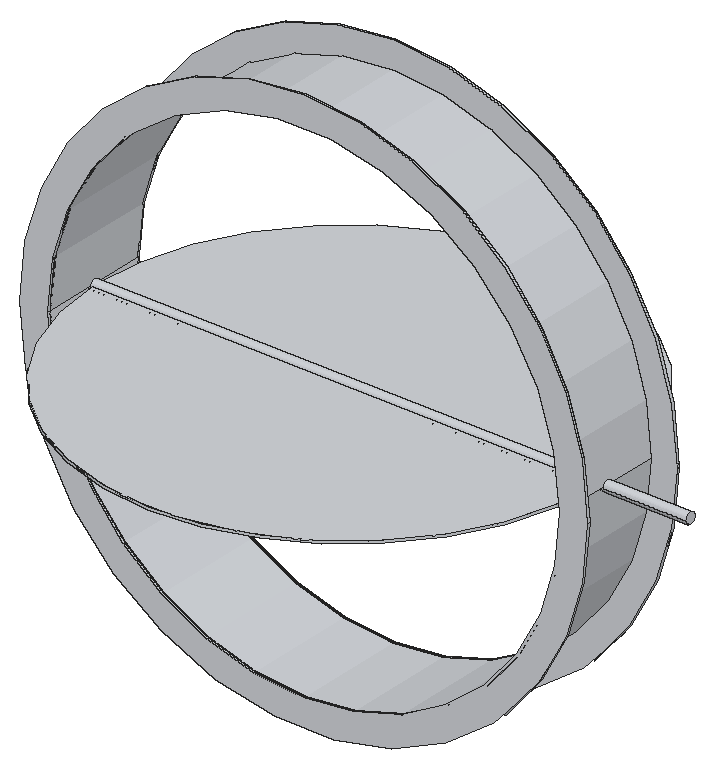
Revit family "HD-392", category Mechanical Equipment, Revit 2015
Parameters
  URL = "http://unitedenertech.com/catalog/pdf/D_7,%208,%209,%2010%20HD-392.pdf"
  Type Comments = "Max. Size is (60\" Diameter)"
  O Radius [instance] = I Radius + Frame Thickness  # 1' - 6 17/128"
  Model = "HD-392"
  Manufacturer = "United Enertech Corporation"
  I Radius [instance] = Exact Diameter / 2  # 1' - 6"
  Frame Thickness [instance] = if(Exact Diameter < 1' 0 1/8", 0' 0 27/256", if(Exact Diameter < 4' 0 1/8", 0' 0 17/128", if(Exact Diameter < 5' 0 1/8", 0' 0 3/16", 0' 0 3/16")))  # 0' - 0 17/128"
  Flange [instance] = if(Exact Diameter < 1' 0 1/8", 0' 1 1/4", if(Exact Diameter < 2' 0 1/8", 0' 1 1/2", if(Exact Diameter < 5' 0 1/8", 0' 2", 0' 2")))  # 0' - 2"
  F Radius [instance] = I Radius + Flange  # 1' - 8"
  Exact Diameter = 3' - 0"
  Description = "Round Industrial Control Damper"
  Depth = if(Exact Diameter > 1' 0 1/8", 0' 8", 0' 6")  # 0' - 8"
  Blade Thickness [instance] = if(Exact Diameter < 1' 8 1/8", 0' 0 17/128", if(Exact Diameter < 4' 6 1/8", 0' 0 3/16", if(Exact Diameter < 5' 0 1/8", 0' 0 1/4", 0' 0 1/4")))  # 0' - 0 3/16"
  Blade Radius [instance] = I Radius - 0' 0 1/4"  # 1' - 5 3/4"
  Axle Diameter [instance] = if(Exact Diameter < 1' 8 1/8", 0' 0 1/2", if(Exact Diameter < 3' 4 1/8", 0' 0 3/4", if(Exact Diameter < 4' 0 1/8", 0' 1", if(Exact Diameter < 5' 0 1/8", 0' 1 1/2", 0' 1 1/2"))))  # 0' - 0 3/4"
  A Radius [instance] = Axle Diameter / 2  # 0' - 0 3/8"
Reference planes (in)
  plane 1 "Center (Front/Back)": y = 0
  plane 2: z = 0
  plane 3 "Center (Left/Right)": x = 0
  plane 4: x = -18
  plane 5: x = 18
  plane 6: y = 8
  plane 7: x = -20
  plane 8: x = 20
  plane 9: y = 0.13281
  plane 10: y = 7.86719
  plane 11: x = -18.75
  plane 12: x = 24
  plane 13: z = 0.375
  plane 14: z = -0.375
  plane 15: y = 4
  plane 16: z = 0.09375
  plane 17: z = -0.09375
Forms (in)
  Extrusion 1, solid
    sketch origin (0, 0, 0) x (1, 0, 0) y (0, 0, 1)
      loop
        circle (0, 0) r 18
      loop
        circle (0, 0) r 18.13281
    from -7.86719 to -0.13281
  Extrusion 2, solid
    sketch origin (0, 0, 0) x (1, 0, 0) y (0, 0, 1)
      loop
        circle (0, 0) r 20
      loop
        circle (0, 0) r 18
    from -0.13281 to 0
  Extrusion 3, solid
    sketch origin (0, 0, 0) x (1, 0, 0) y (0, 0, 1)
      loop
        circle (0, 0) r 20
      loop
        circle (0, 0) r 18
    from -8 to -7.86719
  Extrusion 4, solid
    sketch origin (0, 0, 0) x (0, 1, 0) y (0, 0, 1)
      loop
        circle (4, 0) r 0.375
    from -18.75 to 24
  Extrusion 5, solid
    sketch origin (0, 0, 0) x (1, 0, 0) y (0, 1, 0)
      loop
        circle (0, 4) r 17.75
    from -0.09375 to 0.09375
Dimensions and locks (in)
  equal spacing: plane 4, plane 3 "Center (Left/Right)", plane 5
  "Exact Diameter": plane 4 to plane 5
  "Depth": plane 1 "Center (Front/Back)" to plane 6
  "Flange": plane 5 to plane 8
  "Flange": plane 7 to plane 4
  "Frame Thickness": plane 1 "Center (Front/Back)" to plane 9
  "Frame Thickness": plane 6 to plane 10
  locked: plane 11 to plane 4 at 0.75
  locked: plane 5 to plane 12 at 6
  equal spacing: plane 13, level, plane 14
  "Axle Diameter": plane 13 to plane 14
  equal spacing: plane 6, plane 15, plane 1 "Center (Front/Back)"
  equal spacing: plane 16, level, plane 17
  "Blade Thickness": plane 16 to plane 17
  "I Radius": radius of Extrusion 1 sketch curve
  "O Radius": radius of Extrusion 1 sketch curve
  "I Radius": radius of Extrusion 2 sketch curve
  "F Radius": radius of Extrusion 2 sketch curve
  "I Radius": radius of Extrusion 3 sketch curve
  "F Radius": radius of Extrusion 3 sketch curve
  "A Radius": radius of Extrusion 4 sketch curve
  "Blade Radius": radius of Extrusion 5 sketch curve
  aligned and locked: level to plane 2
  aligned and locked: Extrusion 1 to plane 9
  aligned and locked: plane 10 to Extrusion 1
  aligned and locked: plane 9 to Extrusion 2
  aligned and locked: plane 1 "Center (Front/Back)" to Extrusion 2
  aligned and locked: plane 6 to Extrusion 3
  aligned and locked: Extrusion 3 to plane 10
  aligned and locked: Extrusion 4 to plane 11
  aligned and locked: plane 12 to Extrusion 4
  aligned and locked: plane 16 to Extrusion 5
  aligned and locked: Extrusion 5 to plane 17
Automatic sketch dimensions
  Extrusion 1 sketch curve to Extrusion 1 sketch curve = 0' - 0"  (x2)
  Extrusion 1 sketch curve to level = 0' - 0"
  Extrusion 1 sketch curve to plane 3 "Center (Left/Right)" = 0' - 0"
  Extrusion 2 sketch curve to Extrusion 2 sketch curve = 0' - 0"  (x2)
  Extrusion 2 sketch curve to level = 0' - 0"
  Extrusion 2 sketch curve to plane 3 "Center (Left/Right)" = 0' - 0"
  Extrusion 3 sketch curve to Extrusion 3 sketch curve = 0' - 0"  (x2)
  Extrusion 3 sketch curve to level = 0' - 0"
  Extrusion 3 sketch curve to plane 3 "Center (Left/Right)" = 0' - 0"
  Extrusion 4 sketch curve to level = 0' - 0"
  Extrusion 4 sketch curve to plane 15 = 0' - 0"
  Extrusion 5 sketch curve to plane 3 "Center (Left/Right)" = 0' - 0"
  Extrusion 5 sketch curve to plane 15 = 0' - 0"
